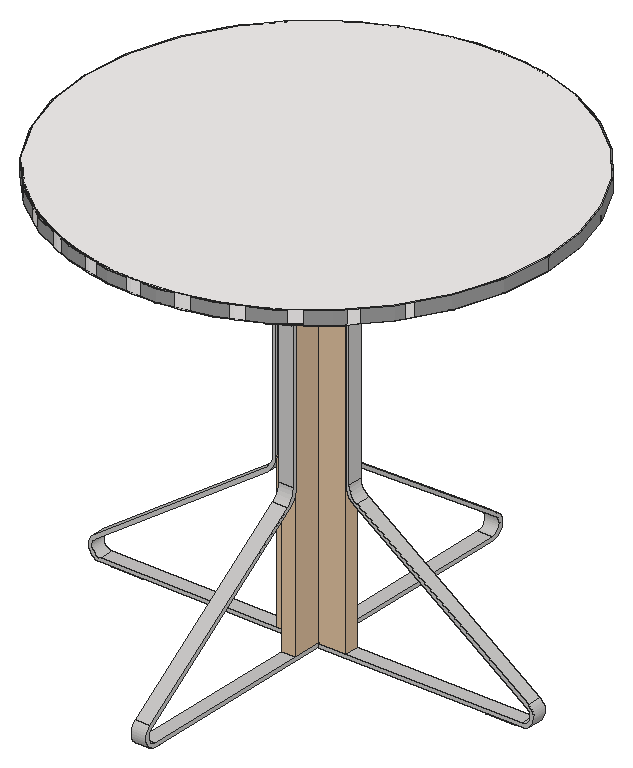
Revit family "Artek_Tables_Kaari Table round_Kaari Table round REB003", category Furniture, Revit 2017
Family settings
  OmniClass Number = 23.40.20.14.17.11
  OmniClass Title = Dining Room Tables
  Work Plane-Based = No
  Always vertical = Yes
  Cut with Voids When Loaded = No
  Shared = No
  Room Calculation Point = No
Parameters (values of type "Kaari Table round REB003")
  WarrantyStartDate [instance] = "n/a"
  WarrantyGuarantorParts = "n/a"
  WarrantyGuarantorLabor = "n/a"
  WarrantyDurationUnit = "Years"
  WarrantyDurationParts = "n/a"
  WarrantyDurationLabor = "n/a"
  WarrantyDescription = "n/a"
  VersionDate = "11/3/2020"  # constant formula
  Version = "1"  # constant formula
  Uniclass2015Reference = "Pr_40_50_21_22"
  Uniclass2015Description = "Dining tables"
  Uniclass2 = "Pr_40_50_21_21"
  URL = "https://www.artek.fi/en/products/kaari-table-round"
  Type Comments = ""
  TagNumber [instance] = "n/a"
  TableTopMaterial [instance] = HPL, high-gloss white
  SustainabilityPerformance = "n/a"
  Style = "n/a"
  Size = "800x740x800 mm"
  Shape = "Sculptured"
  SerialNumber [instance] = "n/a"
  Revision = "n/a"
  ReplacementCost = "n/a"
  ProductInformation = "n/a"
  Product data url = ""
  NominalLength = 800 mm
  NominalHeight = 740 mm
  NominalDepth = 800 mm
  Name = "Kaari Table round REB003"
  NBSReference = "45-35-86/327"
  NBSDescription = "Tables"
  ModelReference = "n/a"
  ModelNumber = "28305302"
  Material = "Wood/Steel"
  ManufacturerURL = "https://www.artek.fi/"
  ManufacturerName = "Artek"
  Model = "Kaari Table round REB003"
  Manufacturer = "Artek"
  MainColor = "Natural/black oak"
  LegsMaterial [instance] = Natural oak, with protective varnish
  InstallationDate [instance] = "n/a"
  IfcExportType = "TABLE"  # constant formula
  IfcExportAs = "IfcFurnishingElementType"  # constant formula
  Grade = "n/a"
  Finish = "n/a"
  Features = "n/a"
  ExpectedLife = "n/a"
  DurationUnit = "Years"
  Designer = "Ronan & Erwan Bouroullec"
  Description = ""
  Cost = 0
  ConvergoRefNr = "0190-2009-0030-FI"  # constant formula
  Constituents = "n/a"
  Color = "Natural/black oak"
  Collection = "Kaari Collection"
  CodePerformance = "n/a"
  Barcode [instance] = "n/a"
  AssetIdentifier [instance] = "n/a"
  Category = "Tables"
  Brand = "Artek"
  BIMObjectName = "Artek_Tables_Kaari Table round_Kaari Table round REB003"  # constant formula
  Author = "Convergo AB"  # constant formula
  AssetType = "Movable"
  AccessibilityPerformance = "n/a"
Reference planes
  plane 1 "Center (Front/Back)": y = 0
  plane 2: z = 0
  plane 3 "Center (Left/Right)": x = 0
  plane 4: x = -400
  plane 5: x = 400
  plane 6: y = 400
  plane 7: y = -400
  plane 8: z = 740
Dimensions and locks
  equal spacing: plane 4, plane 3 "Center (Left/Right)", plane 5
  "NominalLength": plane 4 to plane 5
  equal spacing: plane 7, plane 1 "Center (Front/Back)", plane 6
  "NominalDepth": plane 7 to plane 6
  "NominalHeight": plane 8 to plane 2
  aligned and locked: level to plane 2
Nested families
  nested 1: "kaari_table_80" at (0, 0, 0), Legs <- "LegsMaterial", Table <- "TableTopMaterial", type "kaari_table_80"
    with TableFrame ABS, Table HPL, high-gloss white, LegsFrame Flat rolled steel, Legs Natural oak, with protective varnish
Definition of nested family "kaari_table_80"
  Parameters (values of type "kaari_table_80")
    TableFrame [instance] = none
    Table [instance] = none
    LegsFrame [instance] = none
    Legs [instance] = none
  Reference planes
    plane 1 "Center (Front/Back)": y = 0
    plane 2: z = 0
    plane 3 "Center (Left/Right)": x = 0
  Forms (mm)
    Extrusion 1, solid, material <- "Table", detail levels medium+fine
      sketch origin (0, 0, 0) x (1, 0, 0) y (0, 1, 0)
        loop
          circle (0, 0) r 399
      from 716 to 740
    Extrusion 2, solid, material <- "TableFrame", detail levels medium+fine
      sketch origin (0, 0, 0) x (1, 0, 0) y (0, 1, 0)
        loop
          circle (0, 0) r 399
        loop
          circle (0, 0) r 400
      from 716 to 740
    Extrusion 3, solid, material <- "LegsFrame", detail levels medium+fine
      sketch origin (0.011, 0.011, 0) x (-1, 0, 0) y (0, 0, 1)
        loop
          arc (362.937, 4.5) -> (382.987, 19.201) -> (374.995, 42.744) r 21.023
          line (374.995, 42.744) -> (79.124, 249.916)
          arc (79.124, 249.916) -> (69.485, 260.906) -> (66.011, 275.106) r 30.752
          line (66.011, 275.106) -> (66.011, 715.999) -> (60.011, 715.999) -> (60.011, 274.696)
          arc (60.011, 274.696) -> (64.074, 258.089) -> (75.347, 245.236) r 35.964
          line (75.347, 245.236) -> (371.615, 37.787)
          arc (371.615, 37.787) -> (377.317, 20.989) -> (363.011, 10.5) r 15
          line (363.011, 10.5) -> (0.011, 10.5) -> (-362.99, 10.5)
          arc (-362.99, 10.5) -> (-377.295, 20.989) -> (-371.593, 37.787) r 15
          line (-371.593, 37.787) -> (-75.325, 245.236)
          arc (-75.325, 245.236) -> (-64.053, 258.089) -> (-59.989, 274.696) r 35.964
          line (-59.989, 274.696) -> (-59.989, 716) -> (-65.989, 716) -> (-65.989, 275.106)
          arc (-65.989, 275.106) -> (-69.464, 260.906) -> (-79.103, 249.916) r 30.752
          line (-79.103, 249.916) -> (-374.974, 42.744)
          arc (-374.974, 42.744) -> (-382.966, 19.201) -> (-362.916, 4.5) r 21.023
          line (-362.916, 4.5) -> (0.029, 4.5) -> (362.937, 4.5)
      from -12.511 to 12.489
    Extrusion 4, solid, material <- "TableFrame", detail levels medium+fine
      sketch origin (0.011, 736.011, 0) x (0, 1, 0) y (-1, 0, 0)
        loop
          arc (-743, 299.011) -> (-741.536, 295.475) -> (-738, 294.011) r 5
          line (-738, 294.011) -> (-734, 294.011)
          arc (-734, 294.011) -> (-730.464, 295.475) -> (-729, 299.011) r 5
          line (-729, 299.011) -> (-729, 347.011)
          arc (-729, 347.011) -> (-730.464, 350.546) -> (-734, 352.011) r 5
          line (-734, 352.011) -> (-738, 352.011)
          arc (-738, 352.011) -> (-741.536, 350.546) -> (-743, 347.011) r 5
          line (-743, 347.011) -> (-743, 299.011)
        loop
          line (-743, -298.989) -> (-743, -346.989)
          arc (-743, -346.989) -> (-741.536, -350.525) -> (-738, -351.989) r 5
          line (-738, -351.989) -> (-734, -351.989)
          arc (-734, -351.989) -> (-730.464, -350.525) -> (-729, -346.989) r 5
          line (-729, -346.989) -> (-729, -298.989)
          arc (-729, -298.989) -> (-730.464, -295.454) -> (-734, -293.989) r 5
          line (-734, -293.989) -> (-738, -293.989)
          arc (-738, -293.989) -> (-741.536, -295.454) -> (-743, -298.989) r 5
      from 0 to 4.5
    Extrusion 5, solid, material <- "Legs", detail levels medium+fine
      sketch origin (0, 0, 0) x (1, 0, 0) y (0, 1, 0)
        loop
          line (-12, 12) -> (-60, 12) -> (-60, -12) -> (-12, -12) -> (-12, -60) -> (12, -60) -> (12, -12) -> (60, -12) -> (60, 12) -> (12, 12) -> (12, 60) -> (-12, 60) -> (-12, 12)
      from 10.5 to 716
    Extrusion 6, void
      sketch origin (0, 0, 0) x (1, 0, 0) y (0, 1, 0)
        loop
          line (-12, 12) -> (-12, -12) -> (12, -12) -> (12, 12) -> (-12, 12)
      from -231.552 to 716
    Extrusion 7, solid, material <- "LegsFrame", detail levels medium+fine
      sketch origin (0.011, -0.011, 0) x (0, 1, 0) y (0, 0, 1)
        loop
          arc (362.937, 4.5) -> (382.987, 19.201) -> (374.995, 42.744) r 21.023
          line (374.995, 42.744) -> (79.124, 249.916)
          arc (79.124, 249.916) -> (69.485, 260.906) -> (66.011, 275.106) r 30.752
          line (66.011, 275.106) -> (66.011, 715.999) -> (60.011, 715.999) -> (60.011, 274.696)
          arc (60.011, 274.696) -> (64.074, 258.089) -> (75.347, 245.236) r 35.964
          line (75.347, 245.236) -> (371.615, 37.787)
          arc (371.615, 37.787) -> (377.317, 20.989) -> (363.011, 10.5) r 15
          line (363.011, 10.5) -> (0.011, 10.5) -> (-362.99, 10.5)
          arc (-362.99, 10.5) -> (-377.295, 20.989) -> (-371.593, 37.787) r 15
          line (-371.593, 37.787) -> (-75.325, 245.236)
          arc (-75.325, 245.236) -> (-64.053, 258.089) -> (-59.989, 274.696) r 35.964
          line (-59.989, 274.696) -> (-59.989, 716) -> (-65.989, 716) -> (-65.989, 275.106)
          arc (-65.989, 275.106) -> (-69.464, 260.906) -> (-79.103, 249.916) r 30.752
          line (-79.103, 249.916) -> (-374.974, 42.744)
          arc (-374.974, 42.744) -> (-382.966, 19.201) -> (-362.916, 4.5) r 21.023
          line (-362.916, 4.5) -> (0.029, 4.5) -> (362.937, 4.5)
      from -12.511 to 12.489
    Extrusion 8, solid, material <- "TableFrame", detail levels medium+fine
      sketch origin (736.011, -0.011, 0) x (1, 0, 0) y (0, 1, 0)
        loop
          arc (-743, 299.011) -> (-741.536, 295.475) -> (-738, 294.011) r 5
          line (-738, 294.011) -> (-734, 294.011)
          arc (-734, 294.011) -> (-730.464, 295.475) -> (-729, 299.011) r 5
          line (-729, 299.011) -> (-729, 347.011)
          arc (-729, 347.011) -> (-730.464, 350.546) -> (-734, 352.011) r 5
          line (-734, 352.011) -> (-738, 352.011)
          arc (-738, 352.011) -> (-741.536, 350.546) -> (-743, 347.011) r 5
          line (-743, 347.011) -> (-743, 299.011)
        loop
          line (-743, -298.989) -> (-743, -346.989)
          arc (-743, -346.989) -> (-741.536, -350.525) -> (-738, -351.989) r 5
          line (-738, -351.989) -> (-734, -351.989)
          arc (-734, -351.989) -> (-730.464, -350.525) -> (-729, -346.989) r 5
          line (-729, -346.989) -> (-729, -298.989)
          arc (-729, -298.989) -> (-730.464, -295.454) -> (-734, -293.989) r 5
          line (-734, -293.989) -> (-738, -293.989)
          arc (-738, -293.989) -> (-741.536, -295.454) -> (-743, -298.989) r 5
      from 0 to 4.5
    Sweep 9, void
      path in 3D
        loop
          arc (400, 0, 740) -> (0, -400, 740) -> (-400, 0, 740) r 400
          arc (-400, 0, 740) -> (0, 400, 740) -> (400, 0, 740) r 400
      profile origin (0, 400, 740) x (0, 1, 0) y (0, 0, 1)
        loop
          line (0, 0) -> (-1, 0) -> (0, -1) -> (0, 0)
    Sweep 10, void
      path in 3D
        loop
          arc (-400, 0, 716) -> (0, -400, 716) -> (400, 0, 716) r 400
          arc (400, 0, 716) -> (0, 400, 716) -> (-400, 0, 716) r 400
      profile origin (0, 400, 716) x (0, 1, 0) y (0, 0, -1)
        loop
          line (0, 0) -> (-1, 0) -> (0, -1) -> (0, 0)
    Extrusion 11, solid, material <- "Table", detail levels coarse
      sketch origin (0, 0, 0) x (1, 0, 0) y (0, 1, 0)
        loop
          line (-400, 0) -> (-400, -400) -> (0, -400) -> (400, -400) -> (400, 0) -> (400, 400) -> (0, 400) -> (-400, 400) -> (-400, 0)
      from 0 to 740
  Cuts and joins
    Extrusion 6 cuts Extrusion 3
    Extrusion 6 cuts Extrusion 5
    Extrusion 6 cuts Extrusion 7
    Sweep 9, Sweep 10 cuts Extrusion 2
  Lines and regions (mm)
    symbolic lines, detail levels medium+fine
      curve 1: line (0, 0, 740) -> (0, 399, 740)
      curve 2: line (0, 399, 740) -> (0, 400, 739)
      curve 3: line (0, 400, 739) -> (0, 400, 717)
      curve 4: line (0, 400, 717) -> (0, 399, 716)
      curve 5: line (0, 399, 716) -> (0, 66.029, 716)
      curve 6: line (0, 66.029, 716) -> (0, 66.029, 274.656)
      curve 7: arc (0, 78.822, 250.081) -> (0, 69.419, 260.803) -> (0, 66.029, 274.656) r 30
      curve 8: line (0, 374.996, 42.697) -> (0, 78.822, 250.081)
      curve 9: arc (0, 362.952, 4.5) -> (0, 382.978, 19.183) -> (0, 374.996, 42.697) r 20.997
      curve 16: line (0, 350.986, 4.5) -> (0, 350.986, 0)
      curve 17: line (0, 350.986, 0) -> (0, 292.986, 0)
      curve 18: line (0, 292.986, 0) -> (0, 292.986, 4.5)
      curve 20: line (0, 350.986, 4.5) -> (0, 362.952, 4.5)
      curve 21: line (0, 0, 740) -> (-398.997, 0, 740)
      curve 22: line (-398.997, 0, 740) -> (-400, 0, 738.997)
      curve 23: line (-400, 0, 738.997) -> (-400, 0, 717.003)
      curve 24: line (-400, 0, 717.003) -> (-398.996, 0, 715.999)
      curve 25: line (-398.996, 0, 715.999) -> (-66, 0, 715.999)
      curve 28: line (0, 0, 740) -> (398.999, 0, 740)
      curve 29: line (398.999, 0, 740) -> (400, 0, 738.999)
      curve 30: line (400, 0, 738.999) -> (400, 0, 717.001)
      curve 31: line (400, 0, 717.001) -> (398.998, 0, 715.999)
      curve 32: line (398.998, 0, 715.999) -> (66, 0, 715.999)
      curve 35: line (0, 7.011, 4.5) -> (0, 7.011, 0)
      curve 36: line (0, 7.011, 0) -> (0, 0.011, 0)
      curve 37: line (0, 7.011, 4.5) -> (0, 292.986, 4.5)
      curve 39: line (0, 0, 740) -> (0, -398.994, 740)
      curve 40: line (0, -398.994, 740) -> (0, -400, 738.994)
      curve 41: line (0, -400, 738.994) -> (0, -400, 717.006)
      curve 42: line (0, -400, 717.006) -> (0, -398.994, 716)
      curve 43: line (0, -398.994, 716) -> (0, -66.029, 716)
      curve 44: line (0, -66.029, 716) -> (0, -66.029, 274.656)
      curve 45: arc (0, -78.822, 250.081) -> (0, -69.419, 260.803) -> (0, -66.029, 274.656) r 30
      curve 46: line (0, -374.996, 42.697) -> (0, -78.822, 250.081)
      curve 47: arc (0, -362.952, 4.5) -> (0, -382.978, 19.183) -> (0, -374.996, 42.697) r 20.997
      curve 54: line (0, -352.017, 4.5) -> (0, -352.017, 0)
      curve 55: line (0, -352.017, 0) -> (0, -294.043, 0)
      curve 56: line (0, -294.043, 0) -> (0, -294.043, 4.5)
      curve 58: line (0, -352.017, 4.5) -> (0, -362.952, 4.5)
      curve 59: line (0, -7.011, 4.5) -> (0, -7.011, 0)
      curve 60: line (0, -7.011, 0) -> (0, 0.011, 0)
      curve 61: line (0, -7.011, 4.5) -> (0, -294.043, 4.5)
      curve 63: line (-66, 0, 715.999) -> (-66, 0, 275.106)
      curve 64: arc (-79.113, 0, 249.916) -> (-69.475, 0, 260.906) -> (-66, 0, 275.106) r 30.752
      curve 65: line (-79.113, 0, 249.916) -> (-374.985, 0, 42.744)
      curve 66: arc (-362.926, 0, 4.5) -> (-382.977, 0, 19.201) -> (-374.985, 0, 42.744) r 21.023
      curve 68: line (-362.926, 0, 4.5) -> (-352, 0, 4.5)
      curve 69: line (-352, 0, 4.5) -> (-352, 0, 0)
      curve 70: line (-352, 0, 0) -> (-294, 0, 0)
      curve 71: line (-294, 0, 0) -> (-294, 0, 4.5)
      curve 73: line (-294, 0, 4.5) -> (-6.989, 0, 4.5)
      curve 80: line (-6.989, 0, 4.5) -> (-6.989, 0, 0)
      curve 81: line (-6.989, 0, 0) -> (0.011, 0, 0)
      curve 83: line (66, 0, 715.999) -> (66, 0, 275.106)
      curve 84: arc (79.113, 0, 249.916) -> (69.475, 0, 260.906) -> (66, 0, 275.106) r 30.752
      curve 85: line (79.113, 0, 249.916) -> (374.985, 0, 42.744)
      curve 86: arc (362.926, 0, 4.5) -> (382.977, 0, 19.201) -> (374.985, 0, 42.744) r 21.023
      curve 88: line (362.926, 0, 4.5) -> (352, 0, 4.5)
      curve 89: line (352, 0, 4.5) -> (352, 0, 0)
      curve 90: line (352, 0, 0) -> (294, 0, 0)
      curve 91: line (294, 0, 0) -> (294, 0, 4.5)
      curve 93: line (294, 0, 4.5) -> (6.989, 0, 4.5)
      curve 100: line (6.989, 0, 4.5) -> (6.989, 0, 0)
      curve 101: line (6.989, 0, 0) -> (0.011, 0, 0)
      curve 107: circle (0, 0, 0) r 400 normal (0, 0, 1)
    symbolic lines, detail levels fine
      curve 10: line (0, -0.029, 4.5) -> (0, 7.011, 4.5)
      curve 11: line (0, 66.029, 716) -> (0, 0, 716)
      curve 12: line (0, 60, 274.179) -> (0, 60, 716)
      curve 13: line (0, 74.923, 245.51) -> (0, 371.549, 37.787)
      curve 14: arc (0, 371.549, 37.787) -> (0, 377.25, 20.989) -> (0, 362.944, 10.5) r 15
      curve 15: line (0, 362.944, 10.5) -> (0, 12.5, 10.5)
      curve 19: line (0, 292.986, 4.5) -> (0, 350.986, 4.5)
      curve 26: line (-76.018, 0, 715.999) -> (0, 0, 715.999)
      curve 27: line (-66, 0, 715.999) -> (0, 0, 715.999)
      curve 33: line (76.018, 0, 715.999) -> (0, 0, 715.999)
      curve 34: line (66, 0, 715.999) -> (0, 0, 715.999)
      curve 38: line (0, 12.5, 4.5) -> (0, 12.5, 716)
      curve 48: line (0, -0.029, 4.5) -> (0, -7.011, 4.5)
      curve 49: line (0, -66.029, 716) -> (0, 0, 716)
      curve 50: line (0, -60, 271.576) -> (0, -60, 716)
      curve 51: line (0, -72.791, 247.003) -> (0, -371.549, 37.787)
      curve 52: arc (0, -371.549, 37.787) -> (0, -377.25, 20.989) -> (0, -362.944, 10.5) r 15
      curve 53: line (0, -362.944, 10.5) -> (0, -12.5, 10.5)
      curve 57: line (0, -294.043, 4.5) -> (0, -352.017, 4.5)
      curve 62: line (0, -12.5, 4.5) -> (0, -12.5, 716)
      curve 67: line (-371.604, 0, 37.787) -> (-75.336, 0, 245.236)
      curve 72: line (-352, 0, 4.5) -> (-294, 0, 4.5)
      curve 74: line (-12.5, 0, 10.5) -> (-363, 0, 10.5)
      curve 75: arc (-371.604, 0, 37.787) -> (-377.306, 0, 20.989) -> (-363, 0, 10.5) r 15
      curve 76: arc (-60, 0, 274.696) -> (-64.064, 0, 258.089) -> (-75.336, 0, 245.236) r 35.964
      curve 77: line (-60, 0, 274.696) -> (-60, 0, 715.999)
      curve 78: line (-60, 0, 274.696) -> (-60, 0, 10.5)
      curve 79: line (-12.5, 0, 4.5) -> (-12.5, 0, 715.999)
      curve 82: line (-6.989, 0, 4.5) -> (-0.018, 0, 4.5)
      curve 87: line (371.604, 0, 37.787) -> (75.336, 0, 245.236)
      curve 92: line (352, 0, 4.5) -> (294, 0, 4.5)
      curve 94: line (12.5, 0, 10.5) -> (363, 0, 10.5)
      curve 95: arc (371.604, 0, 37.787) -> (377.306, 0, 20.989) -> (363, 0, 10.5) r 15
      curve 96: arc (60, 0, 274.696) -> (64.064, 0, 258.089) -> (75.336, 0, 245.236) r 35.964
      curve 97: line (60, 0, 274.696) -> (60, 0, 715.999)
      curve 98: line (60, 0, 274.696) -> (60, 0, 10.5)
      curve 99: line (12.5, 0, 4.5) -> (12.5, 0, 715.999)
      curve 102: line (6.989, 0, 4.5) -> (-0.018, 0, 4.5)
      curve 103: arc (0, 60, 274.179) -> (0, 63.954, 258.018) -> (0, 74.923, 245.51) r 35
      curve 104: line (0, 60, 274.179) -> (0, 60, 10.5)
      curve 105: arc (0, -60, 271.576) -> (0, -63.389, 257.724) -> (0, -72.791, 247.003) r 30
      curve 106: line (0, -60, 10.5) -> (0, -60, 271.576)
    sketch lines
      curve 108: arc (-400, 0, 740) -> (0, 400, 740) -> (400, 0, 740) r 400
      curve 109: arc (400, 0, 740) -> (0, -400, 740) -> (-400, 0, 740) r 400
      curve 110: arc (400, 0, 716) -> (0, 400, 716) -> (-400, 0, 716) r 400
      curve 111: arc (-400, 0, 716) -> (0, -400, 716) -> (400, 0, 716) r 400
  Dimensions and locks
    aligned and locked: level to plane 2
